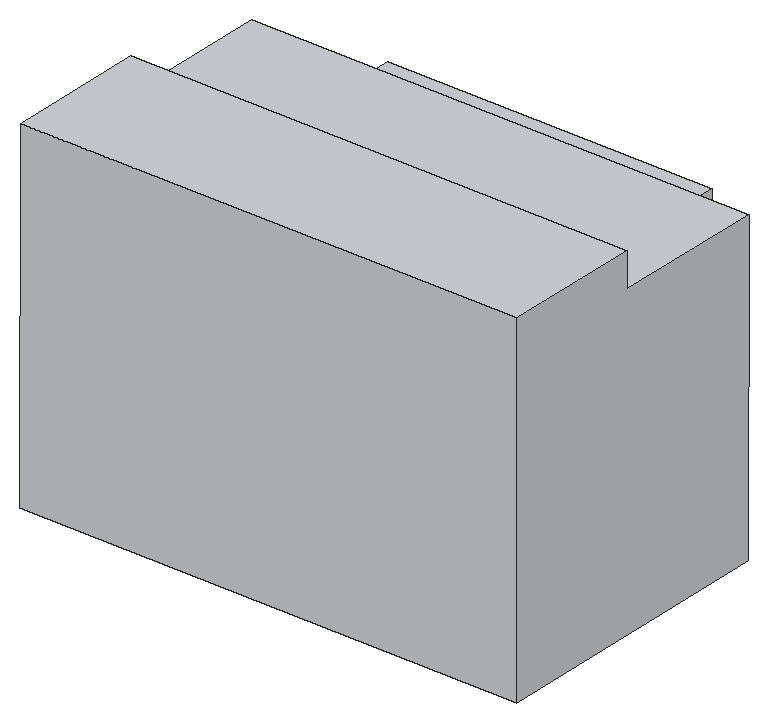
Revit family "M_Transformador do tipo molhado - 12000-480Y277", category Equipamento elétrico, Revit 2019
Family settings
  Cota do conector redondo = Utilizar diâmetro
  Tipo de parte = Transformador
  Número OmniClass = 23.80.10.14.11
  Título OmniClass = Power Transformers
  ID de item do Seek = Wet Type Transformer - 12000-480Y277-0000-CAN-ENU
  Com base no plano de trabalho = Não
  Sempre na vertical = Sim
  Corte com vazios quando carregada = Não
  Compartilhado = Não
  Ponto de cálculo do ambiente = Não
Parameters (values of type "300 kVA")
  Largura 2 = 559 mm
  Largura 1 = 508 mm
  Largura do transformador = 1295 mm
  Material do transformador = none
  Comprimento do transformador = 1829 mm
  Altura do transformador = 1270 mm
  Voltagem primária = 12000 V
  Número primário dos pólos = 3
  Classificação de carga = Transformador
  Comprimento 1 = 0.6 * Comprimento do transformador  # 1097.4 mm
  Altura 1 = 0.6 * Altura do transformador  # 762 mm
  built-in parameter 1140087 [instance] = 1
Types (15, lengths in mm): name | Largura 2 | Largura 1 | Largura do transformador | Comprimento do transformador | Altura do transformador | Comprimento 1 | Altura 1
  (no name) | 559 | 508 | 1295 | 1829 | 1270 | 1097.4 | 762
  75 kVA | 432 | 508 | 991 | 1727 | 1270 | 1036.2 | 762
  112.5 kVA | 559 | 508 | 1245 | 1727 | 1270 | 1036.2 | 762
  150 kVA | 559 | 508 | 1245 | 1727 | 1270 | 1036.2 | 762
  225 kVA | 559 | 508 | 1295 | 1829 | 1270 | 1097.4 | 762
  300 kVA | 559 | 508 | 1295 | 1829 | 1270 | 1097.4 | 762
  500 kVA | 559 | 508 | 1346 | 1829 | 1270 | 1097.4 | 762
  750 kVA | 559 | 508 | 1448 | 1829 | 1626 | 1097.4 | 975.6
  1000 kVA | 559 | 508 | 1499 | 1829 | 1626 | 1097.4 | 975.6
  1500 kVA | 762 | 610 | 2184 | 1829 | 1854 | 1097.4 | 1112.4
  2000 kVA | 762 | 610 | 2210 | 1829 | 1854 | 1097.4 | 1112.4
  2500 kVA | 762 | 610 | 2515 | 1829 | 1854 | 1097.4 | 1112.4
  3000 kVA | 762 | 610 | 2515 | 2134 | 1854 | 1280.4 | 1112.4
  3750 kVA | 762 | 610 | 2743 | 2159 | 2134 | 1295.4 | 1280.4
  5000 kVA | 762 | 610 | 2743 | 2438 | 2134 | 1462.8 | 1280.4
Reference planes
  plane 1 "Centro (Frente/Trás)": y = 0
  plane 2: z = 0
  plane 3 "Centro (Esquerda/Direita)": x = 0
  plane 4: x = -914.5
  plane 5: x = 914.5
  plane 6: y = -1295
  plane 7: z = 1270
  plane 8: y = -787
  plane 9: y = -228
  plane 10: z = 1143
  plane 11: z = 1016
  plane 12: z = 254
  plane 13: x = -597
  plane 14: x = 597
  plane 15: z = 254
  plane 16: x = 182.9
  plane 17: y = -1206.1
Forms (mm)
  Extrusion 1, solid, material <- "Material do transformador"
    sketch origin (0, 0, 0) x (0, 1, 0) y (0, 0, 1)
      loop
        line (-228, 1143) -> (-787, 1143) -> (-787, 1270) -> (-1295, 1270) -> (-1295, 0) -> (-228, 0) -> (-228, 1143)
    from -914.5 to 914.5
  Extrusion 2, solid, material <- "Material do transformador"
    sketch origin (0, 0, 0) x (0, 1, 0) y (0, 0, 1)
      loop
        line (0, 1016) -> (-228, 1016) -> (-228, 254) -> (0, 254) -> (0, 1016)
    from -597 to 597
  Extrusion 3, solid, material <- "Material do transformador"
    sketch origin (0, 0, 0) x (1, 0, 0) y (0, 1, 0)
      loop
        circle (0, -1206.1) r 25.4
    from 0 to 254
Cuts and joins
  joined: Extrusion 1, Extrusion 3
Lines and regions (mm)
  model lines, detail levels fine
    curve 1: line (-914.5, -1295, 1143) -> (914.5, -1295, 1143)
    curve 2: line (-914.5, -1295, 254) -> (914.5, -1295, 254)
    curve 3: line (61.06, -1295, 1143) -> (61.06, -1295, 254)
Dimensions and locks
  equal spacing: plane 4, plane 3 "Centro (Esquerda/Direita)", plane 5
  "Comprimento do transformador": plane 4 to plane 5
  "Largura do transformador": plane 1 "Centro (Frente/Trás)" to plane 6
  "Altura do transformador": plane 7 to plane 2
  "Largura 1": plane 8 to plane 6
  "Largura 2": plane 9 to plane 8
  locked: plane 7 to plane 10 at 127
  locked: plane 10 to plane 11 at 127
  "Altura 1": plane 11 to plane 12
  locked: plane 4 to plane 13 at 317.5
  locked: plane 14 to plane 5 at 317.5
  locked: plane 15 to plane 2 at 254
  "Comprimento 1": plane 16 to plane 4
  locked: plane 17 to plane 6 at 88.9
  radius of Extrusion 3 sketch curve = 25.4 mm
  aligned and locked: plane 9 to Extrusion 1 sketch curve  (x2)
  aligned and locked: plane 8 to Extrusion 1 sketch curve  (x2)
  aligned and locked: Extrusion 1 sketch curve to plane 10
  aligned and locked: plane 6 to Extrusion 1 sketch curve  (x2)
  aligned and locked: Extrusion 1 sketch curve to plane 7
  aligned and locked: plane 7 to Extrusion 1 sketch curve
  aligned and locked: Extrusion 1 sketch curve to plane 2
  aligned and locked: Extrusion 1 to plane 4
  aligned and locked: Extrusion 1 to plane 5
  aligned and locked: plane 1 "Centro (Frente/Trás)" to Extrusion 2 sketch curve
  aligned and locked: plane 9 to Extrusion 2 sketch curve
  aligned and locked: plane 12 to Extrusion 2 sketch curve
  aligned and locked: Extrusion 2 sketch curve to plane 11
  aligned and locked: plane 14 to Extrusion 2
  aligned and locked: Extrusion 2 to plane 13
  aligned and locked: plane 17 to Extrusion 3 sketch curve
  aligned and locked: plane 3 "Centro (Esquerda/Direita)" to Extrusion 3 sketch curve
  aligned and locked: Extrusion 3 to plane 2
  aligned and locked: plane 15 to Extrusion 3
Automatic sketch dimensions
  curve 1 to Extrusion 1 = 0 mm  (x2)
  curve 2 to Extrusion 1 = 0 mm  (x2)
  Extrusion 1 to curve 3 = 127 mm
  curve 3 to Extrusion 1 = 254 mm
  curve 3 to curve 1 = 853.44 mm
Connectors
  electrical at (0, -1206.1, 0), driven by "Número primário dos pólos", driven by "Voltagem primária", driven by "Classificação de carga"
    settings: on Extrusion 3, index 1, voltage 12000 V, apparent load 0 VA, apparent load phase1 0 VA, apparent load phase2 0 VA, apparent load phase3 0 VA, power factor 1, load classification "Transformador", number of poles 3, system type 31, power factor state 1, is connector primary yes, connector utility no, sub classification motor no, connector description ""
  cabletrayconduit at (0, -507.5, 1143), diameter 600
    settings: on cut or joined group of Extrusion 1, Extrusion 3, index 2, connector width 300 mm, connector height 300 mm, connector angle 0.00°, system type 32, placement type 1, profile type 0, connector reference index -1, is primary connector yes, connector utility param no, connector description ""
  cabletrayconduit at (-914.5, -770, 804.333), diameter 600
    settings: on cut or joined group of Extrusion 1, Extrusion 3, index 3, connector width 300 mm, connector height 300 mm, connector angle 0.00°, system type 32, placement type 1, profile type 0, connector reference index -1, is primary connector no, connector utility param no, connector description ""
  cabletrayconduit at (914.5, -770, 804.333), diameter 600
    settings: on cut or joined group of Extrusion 1, Extrusion 3, index 4, connector width 300 mm, connector height 300 mm, connector angle 0.00°, system type 32, placement type 1, profile type 0, connector reference index -1, is primary connector no, connector utility param no, connector description ""
  cabletrayconduit at (0, 0, 635), diameter 600
    settings: on Extrusion 2, index 5, connector width 300 mm, connector height 300 mm, connector angle 0.00°, system type 32, placement type 1, profile type 0, connector reference index -1, is primary connector no, connector utility param no, connector description ""
  cabletrayconduit at (0, -761.5, 0), diameter 600
    settings: on cut or joined group of Extrusion 1, Extrusion 3, index 6, connector width 300 mm, connector height 300 mm, connector angle 0.00°, system type 32, placement type 1, profile type 0, connector reference index -1, is primary connector no, connector utility param no, connector description ""
